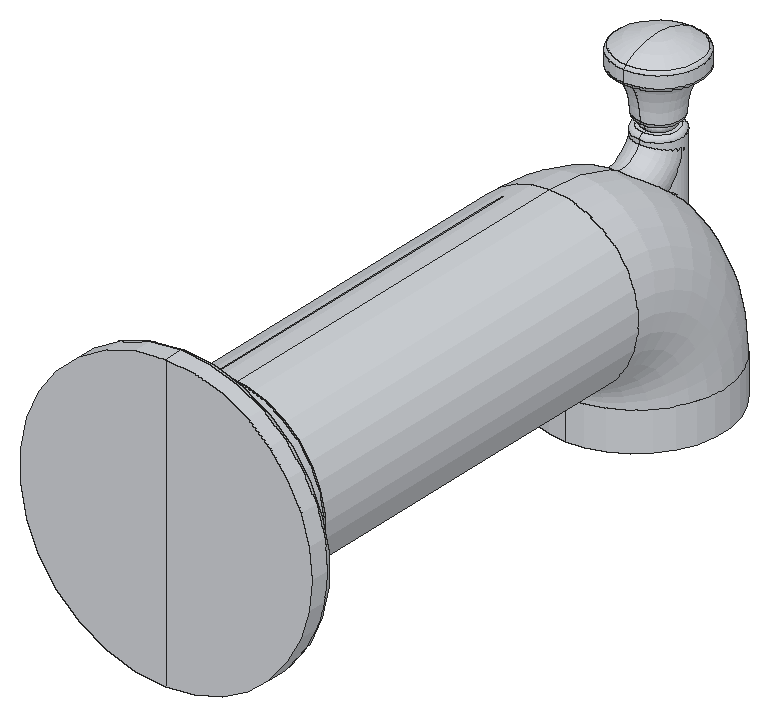
Revit family "S-4651", category Plumbing Equipment, host Wall, Revit 2023
Family settings
  Host = Wall
  Round Connector Dimension = Use Diameter
  Classification = None
  Part Type = Normal
  Always vertical = Yes
  Cut with Voids When Loaded = No
  Maintain Annotation Orientation = No
  Shared = No
  Room Calculation Point = No
Parameters
  Material = Steel
  Default Elevation = 0' - 0"
Reference planes (in)
  plane 1: y = 0
  plane 2 "Center (Left/Right)": x = 0
  plane 3 "Wall Edge": y = 3
  plane 4: z = 0
  plane 5: z = 1.44539
Text (in)
  text "⌀" at (0, 6.2614, 1.88541), in view "Right"
Dimensions and locks (in)
  locked: plane 3 "Wall Edge" to host wall
  nested 1 to nested 1 = 0' - 5 3/4"
  nested 1 to nested 1 = 0' - 1 1/2"
  nested 1 to plane 5 = 0' - 2 11/16"
  diameter of nested 1 = 0' - 2 1/2"
Nested families (in)
  nested 1: "AA" at (0, 3, 0) x (1, 0, 0) z (0, 1, 0), type "AA"
Definition of nested family "AA"
  Parameters (values of type "AA")
    Material = none
    Default Elevation = 4' - 0"
  Reference planes (in)
    plane 1 "Center (Front/Back)": y = 0
    plane 2: z = 0
    plane 3 "Center (Left/Right)": x = 0
  Forms (in)
    Extrusion 1, solid
      sketch origin (0, 0, 0) x (1, 0, 0) y (0, 1, 0)
        loop
          line (-48, 48) -> (-48, -48) -> (48, -48) -> (48, 48) -> (-48, 48)
      from 0 to -12
    Revolve 2, solid, material <- "Material"
      sketch origin (0, -72, -3) x (0, 0, -1) y (0, 1, 0)
        loop
          line (-3.63197, 72.83642) -> (-3.63197, 72) -> (-3, 72) -> (-3, 73.25) -> (-3.15844, 73.25)
          arc (-3.15844, 73.25) -> (-3.18602, 73.24021) -> (-3.20127, 73.21522) r 0.04376
          arc (-3.20127, 73.21522) -> (-3.34528, 72.97009) -> (-3.60817, 72.86185) r 0.44582
          arc (-3.60817, 72.86185) -> (-3.62509, 72.85383) -> (-3.63197, 72.83642) r 0.02548
        axis (-3.63197, 72) -> (-3, 72)
      angle from 0 to 360
    Sweep 3, solid, material <- "Material"
      path origin (0, -72, -3) x (0, 0, -1) y (0, 1, 0)
        loop
          line (-3.33969, 72) -> (-7.08969, 72)
          arc (-7.08969, 72) -> (-7.73338, 71.73338) -> (-8, 71.08969) r 0.91031
          line (-8, 71.08969) -> (-8, 70.75789)
      profile origin (0, 0, 2.21469) x (0, -1, 0) y (1, 0, 0)
        loop
          circle (0, 0) r 0.75
        loop
          circle (0, 0) r 0.6875
    Extrusion 4, void
      sketch origin (0, -72, -3) x (0, 0, 1) y (0, 1, 0)
        loop
          line (3.68327, 71.22949) -> (4.45519, 71.22949)
          arc (4.45519, 71.22949) -> (4.34636, 71.26706) -> (4.23398, 71.29209) r 1.01785
          line (4.23398, 71.29209) -> (3.90448, 71.29209)
          arc (3.90448, 71.29209) -> (3.7921, 71.26706) -> (3.68327, 71.22949) r 1.01785
      from -6 to 6
    Revolve 5, solid, material <- "Material"
      sketch origin (0, -72, -3) x (0, 0, -1) y (0, 1, 0)
        loop
          line (-8.60597, 73.31712) -> (-8.60597, 73.21678)
          arc (-8.60597, 73.21678) -> (-8.59906, 73.20011) -> (-8.58239, 73.1932) r 0.02358
          line (-8.58239, 73.1932) -> (-8.54797, 73.1932)
          arc (-8.54797, 73.1932) -> (-8.46068, 73.02647) -> (-8.42974, 72.84083) r 0.59579
          arc (-8.42974, 72.84083) -> (-8.42359, 72.82619) -> (-8.40892, 72.82014) r 0.02082
          line (-8.40892, 72.82014) -> (-8.34706, 72.82014)
          arc (-8.34706, 72.82014) -> (-8.38304, 72.78416) -> (-8.34706, 72.74818) r 0.03598
          line (-8.34706, 72.74818) -> (-8.40253, 72.74818)
          arc (-8.40253, 72.74818) -> (-8.42956, 72.73699) -> (-8.44075, 72.70996) r 0.03822
          line (-8.44075, 72.70996) -> (-8.44075, 71.83569) -> (-8.2418, 71.83569) -> (-8.2418, 73.44539)
          arc (-8.2418, 73.44539) -> (-8.42113, 73.41975) -> (-8.58609, 73.34487) r 0.63986
          arc (-8.58609, 73.34487) -> (-8.5987, 73.33291) -> (-8.60597, 73.31712) r 0.04589
        axis (-8.2418, 73.44539) -> (-8.2418, 71.83569)
      angle from 0 to 360
    Sweep 6, solid, material <- "Material"
      path origin (0, -72.05078, -2.99609) x (0, 0, -1) y (0, 1, 0)
        loop
          arc (-7.74953, 72.43344) -> (-8.04015, 72.46632) -> (-8.23852, 72.68124) r 0.41914
      profile origin (0, 0.41553, 5.04406) x (0, -0.892003, 0.452029) y (1, 0, 0)
        loop
          circle (0, 0) r 0.19922
  Cuts and joins
    Extrusion 4 cuts Sweep 3
    joined: Revolve 2, Sweep 3
  Dimensions and locks (in)
    aligned and locked: plane 2 to Extrusion 1
    aligned and locked: level to Extrusion 1
